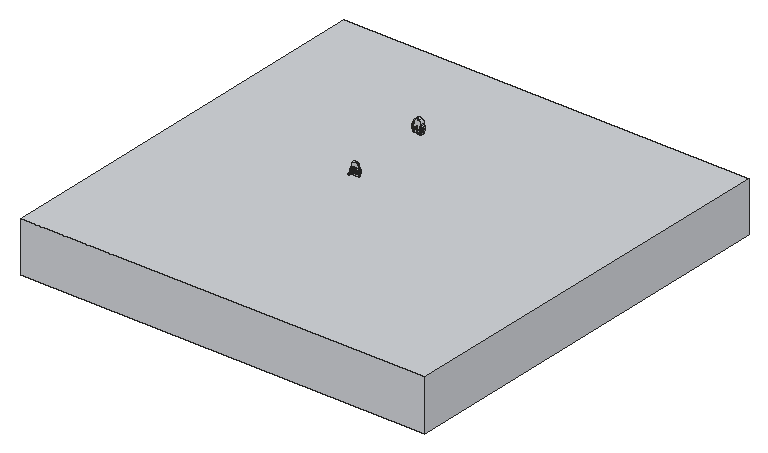
Revit family "Trade II", category Обобщенные модели, Revit 2017
Family settings
  Основа = Грань
  Может служить основой для арматурных стержней = Нет
  Размер круглого соединителя = Использовать диаметр
  Тип детали = Нормальный
  При загрузке вырезать с полостями = Нет
  Общий = Нет
  Точка расчета площади = Нет
Parameters
  Расстояние до плоскости = 250 mm
  Default Elevation = 1219.2 mm
  Начало профиля = 249.976 mm
  Конец профиля = 250.024 mm
Reference planes
  plane 1 "По центру (Вперед/Назад)": y = 0
  plane 2: z = 0
  plane 3 "По центру (Влево/Вправо)": x = 0
  plane 4 "Плоскость низа светильника": z = 250
Forms (mm)
  Extrusion 1, solid
    sketch origin (0, 0, 0) x (1, 0, 0) y (0, 1, 0)
      loop
        line (-1219.2, 1219.2) -> (-1219.2, -1219.2) -> (1219.2, -1219.2) -> (1219.2, 1219.2) -> (-1219.2, 1219.2)
    from 0 to -304.8
  Extrusion 2, solid
    sketch origin (0, -398.223, 250) x (0, -1, 0) y (1, 0, 0)
      loop
        line (-148.236, -5.649) -> (-130.236, -5.649) -> (-130.236, 5.625) -> (-148.236, 5.625) -> (-148.236, -5.649)
      loop
        line (-648.236, 5.625) -> (-666.236, 5.625) -> (-666.236, -5.649) -> (-648.236, -5.649) -> (-648.236, 5.625)
    from 0 to -2
  Extrusion 3, solid
    sketch origin (5.625, 268.013, 250) x (-1, 0, 0) y (0, 0, 1)
      loop
        arc (28.697, 49.657) -> (21.525, 65.194) -> (5.63, 71.533) r 23.1
        arc (5.63, 71.533) -> (-10.266, 65.194) -> (-17.438, 49.657) r 23.1
        arc (-17.438, 49.657) -> (-19.62, 45.831) -> (-19.639, 41.427) r 8.666
        arc (-19.639, 41.427) -> (-19.083, 38.06) -> (-21.255, 35.429) r 4.12
        line (-21.255, 35.429) -> (-24.425, 33.883)
        arc (-24.425, 33.883) -> (-25.811, 32.581) -> (-26.322, 30.75) r 3.536
        line (-26.322, 30.75) -> (-26.322, 22.479) -> (-26.322, 14.208)
        arc (-26.322, 14.208) -> (-25.811, 12.377) -> (-24.425, 11.075) r 3.536
        line (-24.425, 11.075) -> (-21.249, 9.534)
        arc (-21.249, 9.534) -> (-19.072, 6.893) -> (-19.641, 3.519) r 4.12
        arc (-19.641, 3.519) -> (-20.809, -0.574) -> (-19.361, -4.575) r 6.919
        arc (-19.361, -4.575) -> (-18.366, -6.977) -> (-15.964, -7.972) r 3.397
        line (-15.964, -7.972) -> (0.973, -7.972)
        arc (0.973, -7.972) -> (1.694, -7.673) -> (1.993, -6.952) r 1.02
        line (1.993, -6.952) -> (1.993, -2) -> (-0.007, -2) -> (-0.007, -5.972) -> (-15.964, -5.972)
        arc (-15.964, -5.972) -> (-16.714, -5.754) -> (-17.229, -5.168) r 1.397
        arc (-17.229, -5.168) -> (-17.414, -4.504) -> (-17.37, -3.815) r 2.071
        arc (-17.37, -3.815) -> (-18.79, -0.816) -> (-17.982, 2.402) r 4.919
        arc (-17.982, 2.402) -> (-17.141, 7.413) -> (-20.375, 11.333) r 6.12
        line (-20.375, 11.333) -> (-23.519, 12.859)
        arc (-23.519, 12.859) -> (-24.106, 13.423) -> (-24.322, 14.208) r 1.536
        line (-24.322, 14.208) -> (-24.322, 22.479) -> (-24.322, 30.75)
        arc (-24.322, 30.75) -> (-24.106, 31.536) -> (-23.518, 32.1) r 1.536
        line (-23.518, 32.1) -> (-20.378, 33.631)
        arc (-20.378, 33.631) -> (-17.207, 37.349) -> (-17.768, 42.204) r 6.12
        arc (-17.768, 42.204) -> (-17.537, 45.801) -> (-15.468, 48.752) r 6.666
        arc (-15.468, 48.752) -> (-9.177, 63.465) -> (5.63, 69.533) r 21.1
        arc (5.63, 69.533) -> (20.437, 63.465) -> (26.728, 48.752) r 21.1
        arc (26.728, 48.752) -> (28.797, 45.801) -> (29.028, 42.204) r 6.666
        arc (29.028, 42.204) -> (28.466, 37.349) -> (31.638, 33.631) r 6.12
        line (31.638, 33.631) -> (34.778, 32.1)
        arc (34.778, 32.1) -> (35.366, 31.536) -> (35.582, 30.75) r 1.536
        line (35.582, 30.75) -> (35.582, 22.479) -> (35.582, 14.208)
        arc (35.582, 14.208) -> (35.366, 13.423) -> (34.779, 12.859) r 1.536
        line (34.779, 12.859) -> (31.635, 11.333)
        arc (31.635, 11.333) -> (28.401, 7.413) -> (29.242, 2.402) r 6.12
        arc (29.242, 2.402) -> (30.05, -0.816) -> (28.63, -3.815) r 4.919
        arc (28.63, -3.815) -> (28.674, -4.504) -> (28.489, -5.168) r 2.071
        arc (28.489, -5.168) -> (27.974, -5.754) -> (27.224, -5.972) r 1.397
        line (27.224, -5.972) -> (11.267, -5.972) -> (11.267, -2) -> (9.267, -2) -> (9.267, -6.952)
        arc (9.267, -6.952) -> (9.566, -7.673) -> (10.287, -7.972) r 1.02
        line (10.287, -7.972) -> (27.224, -7.972)
        arc (27.224, -7.972) -> (29.626, -6.977) -> (30.621, -4.575) r 3.397
        arc (30.621, -4.575) -> (32.069, -0.574) -> (30.901, 3.519) r 6.919
        arc (30.901, 3.519) -> (30.332, 6.893) -> (32.509, 9.534) r 4.12
        line (32.509, 9.534) -> (35.685, 11.075)
        arc (35.685, 11.075) -> (37.071, 12.377) -> (37.582, 14.208) r 3.536
        line (37.582, 14.208) -> (37.582, 22.479) -> (37.582, 30.75)
        arc (37.582, 30.75) -> (37.071, 32.581) -> (35.685, 33.883) r 3.536
        line (35.685, 33.883) -> (32.515, 35.429)
        arc (32.515, 35.429) -> (30.343, 38.06) -> (30.899, 41.427) r 4.12
        arc (30.899, 41.427) -> (30.88, 45.831) -> (28.697, 49.657) r 8.666
    from 0 to -18
  Extrusion 4, solid
    sketch origin (5.625, 250.013, 250) x (1, 0, 0) y (0, 0, 1)
      loop
        line (15.644, 22.479) -> (15.644, 27.454)
        arc (15.644, 27.454) -> (15.416, 28.602) -> (14.765, 29.576) r 3
        line (14.765, 29.576) -> (8.99, 35.35)
        arc (8.99, 35.35) -> (8.017, 36.001) -> (6.869, 36.229) r 3
        line (6.869, 36.229) -> (0.949, 36.229)
        arc (0.949, 36.229) -> (-1.526, 35.204) -> (-2.551, 32.729) r 3.5
        line (-2.551, 32.729) -> (-2.551, 22.479) -> (-2.551, 12.229)
        arc (-2.551, 12.229) -> (-1.526, 9.754) -> (0.949, 8.729) r 3.5
        line (0.949, 8.729) -> (6.869, 8.729)
        arc (6.869, 8.729) -> (8.017, 8.957) -> (8.99, 9.608) r 3
        line (8.99, 9.608) -> (14.765, 15.382)
        arc (14.765, 15.382) -> (15.416, 16.356) -> (15.644, 17.504) r 3
        line (15.644, 17.504) -> (15.644, 22.479)
      loop
        line (7.445, 30.435) -> (0.889, 30.435) -> (0.889, 27.559) -> (7.445, 27.559) -> (7.445, 30.435)
      loop
        line (7.445, 14.523) -> (7.445, 17.399) -> (0.889, 17.399) -> (0.889, 14.523) -> (7.445, 14.523)
      loop
        line (12.774, 21.041) -> (12.774, 23.917) -> (6.218, 23.917) -> (6.218, 21.041) -> (12.774, 21.041)
      loop
        line (-26.918, 22.479) -> (-26.918, 17.504)
        arc (-26.918, 17.504) -> (-26.689, 16.356) -> (-26.039, 15.382) r 3
        line (-26.039, 15.382) -> (-20.264, 9.608)
        arc (-20.264, 9.608) -> (-19.291, 8.957) -> (-18.143, 8.729) r 3
        line (-18.143, 8.729) -> (-12.223, 8.729)
        arc (-12.223, 8.729) -> (-9.748, 9.754) -> (-8.723, 12.229) r 3.5
        line (-8.723, 12.229) -> (-8.723, 22.479) -> (-8.723, 32.729)
        arc (-8.723, 32.729) -> (-9.748, 35.204) -> (-12.223, 36.229) r 3.5
        line (-12.223, 36.229) -> (-18.143, 36.229)
        arc (-18.143, 36.229) -> (-19.291, 36.001) -> (-20.264, 35.35) r 3
        line (-20.264, 35.35) -> (-26.039, 29.576)
        arc (-26.039, 29.576) -> (-26.689, 28.602) -> (-26.918, 27.454) r 3
        line (-26.918, 27.454) -> (-26.918, 22.479)
      loop
        line (-18.719, 30.435) -> (-18.719, 27.559) -> (-12.163, 27.559) -> (-12.163, 30.435) -> (-18.719, 30.435)
      loop
        line (-18.719, 14.523) -> (-12.163, 14.523) -> (-12.163, 17.399) -> (-18.719, 17.399) -> (-18.719, 14.523)
      loop
        line (-24.048, 21.041) -> (-17.491, 21.041) -> (-17.491, 23.917) -> (-24.048, 23.917) -> (-24.048, 21.041)
    from 0 to -15
  Extrusion 5, solid
    sketch origin (-5.649, -249.987, 250) x (-1, 0, 0) y (0, 0, 1)
      loop
        arc (-53.05, 48.752) -> (-55.119, 45.801) -> (-55.35, 42.204) r 6.666
        arc (-55.35, 42.204) -> (-54.789, 37.349) -> (-57.96, 33.631) r 6.12
        line (-57.96, 33.631) -> (-61.1, 32.1)
        arc (-61.1, 32.1) -> (-61.688, 31.536) -> (-61.904, 30.75) r 1.536
        line (-61.904, 30.75) -> (-61.904, 22.479) -> (-61.904, 14.208)
        arc (-61.904, 14.208) -> (-61.688, 13.423) -> (-61.101, 12.859) r 1.536
        line (-61.101, 12.859) -> (-57.957, 11.333)
        arc (-57.957, 11.333) -> (-54.723, 7.413) -> (-55.564, 2.402) r 6.12
        arc (-55.564, 2.402) -> (-56.372, -0.816) -> (-54.952, -3.815) r 4.919
        arc (-54.952, -3.815) -> (-54.996, -4.504) -> (-54.811, -5.168) r 2.071
        arc (-54.811, -5.168) -> (-54.296, -5.754) -> (-53.546, -5.972) r 1.397
        line (-53.546, -5.972) -> (-37.589, -5.972) -> (-37.589, 0) -> (-31.952, 0) -> (-26.315, 0) -> (-26.315, -5.972) -> (-10.358, -5.972)
        arc (-10.358, -5.972) -> (-9.608, -5.754) -> (-9.093, -5.168) r 1.397
        arc (-9.093, -5.168) -> (-8.908, -4.504) -> (-8.952, -3.815) r 2.071
        arc (-8.952, -3.815) -> (-7.532, -0.816) -> (-8.34, 2.402) r 4.919
        arc (-8.34, 2.402) -> (-9.181, 7.413) -> (-5.947, 11.333) r 6.12
        line (-5.947, 11.333) -> (-2.803, 12.859)
        arc (-2.803, 12.859) -> (-2.216, 13.423) -> (-2, 14.208) r 1.536
        line (-2, 14.208) -> (-2, 22.479) -> (-2, 30.75)
        arc (-2, 30.75) -> (-2.216, 31.536) -> (-2.804, 32.1) r 1.536
        line (-2.804, 32.1) -> (-5.944, 33.631)
        arc (-5.944, 33.631) -> (-9.116, 37.349) -> (-8.554, 42.204) r 6.12
        arc (-8.554, 42.204) -> (-8.785, 45.801) -> (-10.855, 48.752) r 6.666
        arc (-10.855, 48.752) -> (-17.145, 63.465) -> (-31.952, 69.533) r 21.1
        arc (-31.952, 69.533) -> (-46.759, 63.465) -> (-53.05, 48.752) r 21.1
    from 0 to -1
  Extrusion 6, solid
    sketch origin (5.625, 250.013, 250) x (1, 0, 0) y (0, 0, 1)
      loop
        arc (15.461, 48.752) -> (9.17, 63.465) -> (-5.637, 69.533) r 21.1
        arc (-5.637, 69.533) -> (-20.444, 63.465) -> (-26.734, 48.752) r 21.1
        arc (-26.734, 48.752) -> (-28.804, 45.801) -> (-29.035, 42.204) r 6.666
        arc (-29.035, 42.204) -> (-28.473, 37.349) -> (-31.645, 33.631) r 6.12
        line (-31.645, 33.631) -> (-34.785, 32.1)
        arc (-34.785, 32.1) -> (-35.373, 31.536) -> (-35.589, 30.75) r 1.536
        line (-35.589, 30.75) -> (-35.589, 22.479) -> (-35.589, 14.208)
        arc (-35.589, 14.208) -> (-35.373, 13.423) -> (-34.786, 12.859) r 1.536
        line (-34.786, 12.859) -> (-31.642, 11.333)
        arc (-31.642, 11.333) -> (-28.408, 7.413) -> (-29.249, 2.402) r 6.12
        arc (-29.249, 2.402) -> (-30.057, -0.816) -> (-28.637, -3.815) r 4.919
        arc (-28.637, -3.815) -> (-28.681, -4.504) -> (-28.496, -5.168) r 2.071
        arc (-28.496, -5.168) -> (-27.981, -5.754) -> (-27.231, -5.972) r 1.397
        line (-27.231, -5.972) -> (-11.274, -5.972) -> (-11.274, 0) -> (-5.637, 0) -> (0, 0) -> (0, -5.972) -> (15.957, -5.972)
        arc (15.957, -5.972) -> (16.707, -5.754) -> (17.222, -5.168) r 1.397
        arc (17.222, -5.168) -> (17.407, -4.504) -> (17.363, -3.815) r 2.071
        arc (17.363, -3.815) -> (18.783, -0.816) -> (17.975, 2.402) r 4.919
        arc (17.975, 2.402) -> (17.134, 7.413) -> (20.368, 11.333) r 6.12
        line (20.368, 11.333) -> (23.512, 12.859)
        arc (23.512, 12.859) -> (24.099, 13.423) -> (24.315, 14.208) r 1.536
        line (24.315, 14.208) -> (24.315, 22.479) -> (24.315, 30.75)
        arc (24.315, 30.75) -> (24.099, 31.536) -> (23.511, 32.1) r 1.536
        line (23.511, 32.1) -> (20.371, 33.631)
        arc (20.371, 33.631) -> (17.2, 37.349) -> (17.761, 42.204) r 6.12
        arc (17.761, 42.204) -> (17.53, 45.801) -> (15.461, 48.752) r 6.666
    from 0 to -1
  Extrusion 7, solid
    sketch origin (-5.649, -250.987, 250) x (1, 0, 0) y (0, 0, 1)
      loop
        line (10.671, 22.479) -> (10.671, 17.504)
        arc (10.671, 17.504) -> (10.9, 16.356) -> (11.55, 15.382) r 3
        line (11.55, 15.382) -> (17.325, 9.608)
        arc (17.325, 9.608) -> (18.298, 8.957) -> (19.446, 8.729) r 3
        line (19.446, 8.729) -> (25.366, 8.729)
        arc (25.366, 8.729) -> (27.841, 9.754) -> (28.866, 12.229) r 3.5
        line (28.866, 12.229) -> (28.866, 22.479) -> (28.866, 32.729)
        arc (28.866, 32.729) -> (27.841, 35.204) -> (25.366, 36.229) r 3.5
        line (25.366, 36.229) -> (19.446, 36.229)
        arc (19.446, 36.229) -> (18.298, 36.001) -> (17.325, 35.35) r 3
        line (17.325, 35.35) -> (11.55, 29.576)
        arc (11.55, 29.576) -> (10.9, 28.602) -> (10.671, 27.454) r 3
        line (10.671, 27.454) -> (10.671, 22.479)
      loop
        arc (19.538, 34.029) -> (19.147, 33.951) -> (18.816, 33.73) r 1.021
        line (18.816, 33.73) -> (13.212, 28.126)
        arc (13.212, 28.126) -> (12.96, 27.749) -> (12.871, 27.304) r 1.162
        line (12.871, 27.304) -> (12.871, 22.479) -> (12.871, 17.654)
        arc (12.871, 17.654) -> (12.96, 17.209) -> (13.212, 16.832) r 1.162
        line (13.212, 16.832) -> (18.816, 11.228)
        arc (18.816, 11.228) -> (19.147, 11.007) -> (19.538, 10.929) r 1.021
        line (19.538, 10.929) -> (25.366, 10.929)
        arc (25.366, 10.929) -> (26.286, 11.31) -> (26.666, 12.229) r 1.3
        line (26.666, 12.229) -> (26.666, 22.479) -> (26.666, 32.729)
        arc (26.666, 32.729) -> (26.286, 33.648) -> (25.366, 34.029) r 1.3
        line (25.366, 34.029) -> (19.538, 34.029)
      loop
        line (53.233, 22.479) -> (53.233, 27.454)
        arc (53.233, 27.454) -> (53.005, 28.602) -> (52.354, 29.576) r 3
        line (52.354, 29.576) -> (46.579, 35.35)
        arc (46.579, 35.35) -> (45.606, 36.001) -> (44.458, 36.229) r 3
        line (44.458, 36.229) -> (38.538, 36.229)
        arc (38.538, 36.229) -> (36.063, 35.204) -> (35.038, 32.729) r 3.5
        line (35.038, 32.729) -> (35.038, 22.479) -> (35.038, 12.229)
        arc (35.038, 12.229) -> (36.063, 9.754) -> (38.538, 8.729) r 3.5
        line (38.538, 8.729) -> (44.458, 8.729)
        arc (44.458, 8.729) -> (45.606, 8.957) -> (46.579, 9.608) r 3
        line (46.579, 9.608) -> (52.354, 15.382)
        arc (52.354, 15.382) -> (53.005, 16.356) -> (53.233, 17.504) r 3
        line (53.233, 17.504) -> (53.233, 22.479)
      loop
        line (44.367, 34.029) -> (38.538, 34.029)
        arc (38.538, 34.029) -> (37.619, 33.648) -> (37.238, 32.729) r 1.3
        line (37.238, 32.729) -> (37.238, 22.479) -> (37.238, 12.229)
        arc (37.238, 12.229) -> (37.619, 11.31) -> (38.538, 10.929) r 1.3
        line (38.538, 10.929) -> (44.367, 10.929)
        arc (44.367, 10.929) -> (44.757, 11.007) -> (45.088, 11.228) r 1.021
        line (45.088, 11.228) -> (50.692, 16.832)
        arc (50.692, 16.832) -> (50.944, 17.209) -> (51.033, 17.654) r 1.162
        line (51.033, 17.654) -> (51.033, 22.479) -> (51.033, 27.304)
        arc (51.033, 27.304) -> (50.944, 27.749) -> (50.692, 28.126) r 1.162
        line (50.692, 28.126) -> (45.088, 33.73)
        arc (45.088, 33.73) -> (44.757, 33.951) -> (44.367, 34.029) r 1.021
    from 0 to 15
  Extrusion 8, solid
    sketch origin (-5.649, -250.987, 250) x (1, 0, 0) y (0, 0, 1)
      loop
        line (14.341, 21.841) -> (19.298, 21.841) -> (19.298, 23.117) -> (14.341, 23.117) -> (14.341, 21.841)
      loop
        line (19.67, 16.599) -> (19.67, 15.323) -> (24.626, 15.323) -> (24.626, 16.599) -> (19.67, 16.599)
      loop
        line (24.626, 28.359) -> (24.626, 29.635) -> (19.67, 29.635) -> (19.67, 28.359) -> (24.626, 28.359)
      loop
        line (49.563, 21.841) -> (49.563, 23.117) -> (44.607, 23.117) -> (44.607, 21.841) -> (49.563, 21.841)
      loop
        line (44.234, 16.599) -> (39.278, 16.599) -> (39.278, 15.323) -> (44.234, 15.323) -> (44.234, 16.599)
      loop
        line (39.278, 28.359) -> (44.234, 28.359) -> (44.234, 29.635) -> (39.278, 29.635) -> (39.278, 28.359)
    from 0 to 15
Dimensions and locks
  "Расстояние до плоскости": plane 4 "Плоскость низа светильника" to Extrusion 1
  aligned and locked: plane 2 to Extrusion 1
  aligned and locked: level to Extrusion 1
Automatic sketch dimensions
  Extrusion 1 sketch curve to Extrusion 1 sketch curve = 2438.4 mm  (x2)
  plane 3 "По центру (Влево/Вправо)" to Extrusion 2 sketch curve = 5.625 mm  (x2)
  Extrusion 2 sketch curve to plane 1 "По центру (Вперед/Назад)" = 268.013 mm
  Extrusion 2 sketch curve to plane 3 "По центру (Влево/Вправо)" = 5.649 mm  (x2)
  Extrusion 2 sketch curve to Extrusion 2 sketch curve = 18 mm  (x2)
  plane 1 "По центру (Вперед/Назад)" to Extrusion 2 sketch curve = 249.987 mm
  Extrusion 3 sketch curve to Extrusion 3 sketch curve = 0 mm  (x43)
  Extrusion 3 sketch curve to Extrusion 2 = 0 mm  (x2)
  Extrusion 3 sketch curve to Extrusion 2 = 14.208 mm
  Extrusion 2 to Extrusion 3 sketch curve = 26.322 mm
  Extrusion 3 sketch curve to Extrusion 3 sketch curve = 1.897 mm  (x2)
  Extrusion 3 sketch curve to Extrusion 2 = 11.075 mm  (x2)
  Extrusion 3 sketch curve to Extrusion 3 sketch curve = 2 mm  (x2)
  Extrusion 3 sketch curve to Extrusion 2 = 12.859 mm
  Extrusion 3 sketch curve to Extrusion 3 sketch curve = 0.804 mm
  Extrusion 3 sketch curve to Extrusion 3 sketch curve = 1.364 mm
  Extrusion 3 sketch curve to Extrusion 3 sketch curve = 1.372 mm
  Extrusion 3 sketch curve to Extrusion 3 sketch curve = 0.731 mm  (x2)
  Extrusion 3 sketch curve to Extrusion 3 sketch curve = 3.17 mm
  Extrusion 3 sketch curve to Extrusion 2 = 9.534 mm  (x2)
  Extrusion 3 sketch curve to Extrusion 3 sketch curve = 3.176 mm
  Extrusion 3 sketch curve to Extrusion 3 sketch curve = 0.877 mm  (x2)
  Extrusion 3 sketch curve to Extrusion 2 = 11.333 mm
  Extrusion 3 sketch curve to Extrusion 3 sketch curve = 0.874 mm  (x2)
  Extrusion 3 sketch curve to Extrusion 2 = 2.575 mm
  Extrusion 3 sketch curve to Extrusion 3 sketch curve = 7.088 mm
  Extrusion 3 sketch curve to Extrusion 3 sketch curve = 0.611 mm  (x2)
  Extrusion 2 to Extrusion 3 sketch curve = 0.334 mm  (x2)
  Extrusion 3 sketch curve to Extrusion 3 sketch curve = 1.459 mm  (x2)
  Extrusion 2 to Extrusion 3 sketch curve = 11.248 mm
  Extrusion 2 to Extrusion 3 sketch curve = 0.007 mm
  Extrusion 3 sketch curve to Extrusion 2 = 0.973 mm
  Extrusion 3 sketch curve to Extrusion 2 = 1.993 mm
  Extrusion 3 sketch curve to Extrusion 2 = 5.63 mm
  Extrusion 3 sketch curve to Extrusion 2 = 2.007 mm
  Extrusion 3 sketch curve to Extrusion 2 = 0.987 mm
  Extrusion 3 sketch curve to Extrusion 2 = 0.007 mm
  Extrusion 2 to Extrusion 3 sketch curve = 11.234 mm
  Extrusion 2 to Extrusion 3 sketch curve = 13.881 mm
  Extrusion 3 sketch curve to Extrusion 2 = 2.289 mm
  Extrusion 3 sketch curve to Extrusion 3 sketch curve = 6.48 mm
  Extrusion 3 sketch curve to Extrusion 3 sketch curve = 9.13 mm
  Extrusion 3 sketch curve to Extrusion 3 sketch curve = 2.412 mm
  Extrusion 3 sketch curve to Extrusion 3 sketch curve = 2.408 mm
  Extrusion 3 sketch curve to Extrusion 3 sketch curve = 1.804 mm
  Extrusion 3 sketch curve to Extrusion 3 sketch curve = 1.806 mm
  Extrusion 3 sketch curve to Extrusion 3 sketch curve = 0.732 mm
  Extrusion 3 sketch curve to Extrusion 3 sketch curve = 1.536 mm
  Extrusion 3 sketch curve to Extrusion 3 sketch curve = 0.906 mm
  Extrusion 3 sketch curve to Extrusion 3 sketch curve = 0.907 mm
  Extrusion 3 sketch curve to Extrusion 2 = 3.972 mm
  Extrusion 3 sketch curve to Extrusion 3 sketch curve = 1.683 mm
  Extrusion 3 sketch curve to Extrusion 3 sketch curve = 0.98 mm  (x2)
  Extrusion 3 sketch curve to Extrusion 3 sketch curve = 0.286 mm  (x2)
  Extrusion 3 sketch curve to Extrusion 3 sketch curve = 3.705 mm  (x2)
  Extrusion 3 sketch curve to Extrusion 3 sketch curve = 1.799 mm
  Extrusion 3 sketch curve to Extrusion 3 sketch curve = 8.271 mm  (x4)
  Extrusion 3 sketch curve to Extrusion 3 sketch curve = 1.531 mm  (x2)
  Extrusion 3 sketch curve to Extrusion 3 sketch curve = 1.798 mm  (x2)
  Extrusion 3 sketch curve to Extrusion 3 sketch curve = 3.703 mm  (x2)
  Extrusion 3 sketch curve to Extrusion 3 sketch curve = 4.46 mm  (x2)
  Extrusion 3 sketch curve to Extrusion 3 sketch curve = 4.841 mm
  Extrusion 3 sketch curve to Extrusion 3 sketch curve = 3.422 mm
  Extrusion 3 sketch curve to Extrusion 3 sketch curve = 1.659 mm
  Extrusion 3 sketch curve to Extrusion 3 sketch curve = 1.871 mm
  Extrusion 3 sketch curve to Extrusion 3 sketch curve = 0.331 mm
  Extrusion 3 sketch curve to Extrusion 3 sketch curve = 0.141 mm  (x2)
  Extrusion 3 sketch curve to Extrusion 3 sketch curve = 1.97 mm  (x2)
  Extrusion 3 sketch curve to Extrusion 3 sketch curve = 4.219 mm
  Extrusion 3 to Extrusion 4 sketch curve = 8.664 mm
  Extrusion 4 sketch curve to Extrusion 4 sketch curve = 0.879 mm  (x4)
  Extrusion 4 sketch curve to Extrusion 4 sketch curve = 2.87 mm  (x2)
  Extrusion 4 sketch curve to Extrusion 4 sketch curve = 3 mm  (x2)
  Extrusion 4 sketch curve to Extrusion 4 sketch curve = 5.775 mm  (x2)
  Extrusion 4 sketch curve to Extrusion 4 sketch curve = 5.199 mm  (x4)
  Extrusion 4 sketch curve to Extrusion 4 sketch curve = 2.121 mm  (x5)
  Extrusion 4 sketch curve to Extrusion 4 sketch curve = 0.576 mm  (x2)
  Extrusion 4 sketch curve to Extrusion 4 sketch curve = 1.228 mm  (x2)
  Extrusion 3 to Extrusion 4 sketch curve = 0.956 mm  (x2)
  Extrusion 3 to Extrusion 4 sketch curve = 0.896 mm  (x2)
  Extrusion 3 to Extrusion 4 sketch curve = 0.544 mm
  Extrusion 3 to Extrusion 4 sketch curve = 0.558 mm
  Extrusion 3 to Extrusion 4 sketch curve = 0.882 mm  (x2)
  Extrusion 3 to Extrusion 4 sketch curve = 0.942 mm  (x2)
  Extrusion 3 to Extrusion 4 sketch curve = 6.211 mm
  Extrusion 4 sketch curve to Extrusion 4 sketch curve = 5.92 mm  (x2)
  Extrusion 4 sketch curve to Extrusion 4 sketch curve = 0.13 mm
  Extrusion 3 to Extrusion 4 sketch curve = 10.729 mm  (x2)
  Extrusion 4 sketch curve to Extrusion 4 sketch curve = 2.795 mm  (x4)
  Extrusion 4 sketch curve to Extrusion 4 sketch curve = 0.859 mm  (x2)
  Extrusion 4 sketch curve to Extrusion 4 sketch curve = 2.876 mm  (x6)
  Extrusion 4 sketch curve to Extrusion 4 sketch curve = 3.538 mm  (x4)
  Extrusion 4 sketch curve to Extrusion 4 sketch curve = 1.438 mm  (x2)
  Extrusion 4 sketch curve to Extrusion 4 sketch curve = 5.08 mm  (x3)
  Extrusion 4 sketch curve to Extrusion 4 sketch curve = 3.642 mm
  Extrusion 4 sketch curve to Extrusion 4 sketch curve = 2.295 mm  (x2)
  Extrusion 5 sketch curve to Extrusion 5 sketch curve = 0 mm  (x4)
  Extrusion 5 sketch curve to Extrusion 5 sketch curve = 3.14 mm  (x2)
  Extrusion 5 sketch curve to Extrusion 5 sketch curve = 1.536 mm  (x3)
  Extrusion 5 sketch curve to Extrusion 5 sketch curve = 8.271 mm  (x3)
  Extrusion 6 sketch curve to Extrusion 6 sketch curve = 0 mm  (x3)
  Extrusion 6 sketch curve to Extrusion 3 = 0 mm  (x2)
  Extrusion 6 sketch curve to Extrusion 3 = 0.007 mm  (x2)
  Extrusion 6 sketch curve to Extrusion 3 = 0.81 mm
  Extrusion 6 sketch curve to Extrusion 3 = 0.811 mm
  Extrusion 6 sketch curve to Extrusion 3 = 1.268 mm
  Extrusion 6 sketch curve to Extrusion 3 = 1.276 mm
  Extrusion 6 sketch curve to Extrusion 6 sketch curve = 0.731 mm
  Extrusion 6 sketch curve to Extrusion 6 sketch curve = 1.536 mm
  Extrusion 6 sketch curve to Extrusion 6 sketch curve = 3.14 mm
  Extrusion 6 sketch curve to Extrusion 6 sketch curve = 3.144 mm
  Extrusion 6 sketch curve to Extrusion 3 = 8.365 mm
  Extrusion 6 sketch curve to Extrusion 6 sketch curve = 0.611 mm  (x2)
  Extrusion 6 sketch curve to Extrusion 3 = 1.666 mm  (x2)
  Extrusion 6 sketch curve to Extrusion 6 sketch curve = 1.459 mm  (x2)
  Extrusion 6 sketch curve to Extrusion 3 = 11.234 mm
  Extrusion 3 to Extrusion 6 sketch curve = 0.007 mm  (x2)
  Extrusion 6 sketch curve to Extrusion 3 = 3.63 mm  (x2)
  Extrusion 6 sketch curve to Extrusion 3 = 11.248 mm
  Extrusion 6 sketch curve to Extrusion 3 = 10.42 mm
  Extrusion 6 sketch curve to Extrusion 3 = 1.683 mm
  Extrusion 6 sketch curve to Extrusion 3 = 3.94 mm
  Extrusion 6 sketch curve to Extrusion 3 = 3.937 mm
  Extrusion 6 sketch curve to Extrusion 3 = 1.529 mm  (x2)
  Extrusion 6 sketch curve to Extrusion 3 = 1.262 mm
  Extrusion 6 sketch curve to Extrusion 3 = 1.254 mm
  Extrusion 6 sketch curve to Extrusion 3 = 0.797 mm
  Extrusion 6 sketch curve to Extrusion 3 = 0.796 mm
  Extrusion 6 sketch curve to Extrusion 6 sketch curve = 1.397 mm
  Extrusion 6 sketch curve to Extrusion 6 sketch curve = 0.286 mm  (x2)
  Extrusion 6 sketch curve to Extrusion 3 = 2 mm
  Extrusion 6 sketch curve to Extrusion 3 = 7.829 mm  (x2)
  Extrusion 6 sketch curve to Extrusion 6 sketch curve = 5.503 mm  (x2)
  Extrusion 6 sketch curve to Extrusion 6 sketch curve = 1.526 mm  (x2)
  Extrusion 6 sketch curve to Extrusion 6 sketch curve = 8.271 mm  (x4)
  Extrusion 6 sketch curve to Extrusion 6 sketch curve = 1.531 mm  (x2)
  Extrusion 6 sketch curve to Extrusion 6 sketch curve = 5.501 mm  (x2)
  Extrusion 6 sketch curve to Extrusion 6 sketch curve = 4.46 mm  (x2)
  Extrusion 6 sketch curve to Extrusion 6 sketch curve = 4.841 mm
  Extrusion 6 sketch curve to Extrusion 3 = 4.402 mm
  Extrusion 6 sketch curve to Extrusion 6 sketch curve = 5.293 mm
  Extrusion 6 sketch curve to Extrusion 6 sketch curve = 0.141 mm  (x2)
  Extrusion 6 sketch curve to Extrusion 6 sketch curve = 4.219 mm  (x2)
  Extrusion 7 sketch curve to Extrusion 7 sketch curve = 0 mm  (x14)
  Extrusion 7 sketch curve to Extrusion 5 = 8.671 mm
  Extrusion 7 sketch curve to Extrusion 7 sketch curve = 0.879 mm  (x4)
  Extrusion 7 sketch curve to Extrusion 7 sketch curve = 2.2 mm  (x3)
  Extrusion 7 sketch curve to Extrusion 7 sketch curve = 0.34 mm  (x2)
  Extrusion 7 sketch curve to Extrusion 7 sketch curve = 0.46 mm  (x4)
  Extrusion 7 sketch curve to Extrusion 7 sketch curve = 0.362 mm  (x4)
  Extrusion 7 sketch curve to Extrusion 7 sketch curve = 5.775 mm  (x4)
  Extrusion 7 sketch curve to Extrusion 7 sketch curve = 1.491 mm  (x4)
  Extrusion 7 sketch curve to Extrusion 7 sketch curve = 2.121 mm  (x2)
  Extrusion 7 sketch curve to Extrusion 7 sketch curve = 0.722 mm  (x4)
  Extrusion 7 sketch curve to Extrusion 5 = 0.949 mm  (x4)
  Extrusion 5 to Extrusion 7 sketch curve = 0.351 mm  (x2)
  Extrusion 5 to Extrusion 7 sketch curve = 2.551 mm
  Extrusion 7 sketch curve to Extrusion 7 sketch curve = 5.829 mm  (x2)
  Extrusion 7 sketch curve to Extrusion 7 sketch curve = 0.091 mm  (x2)
  Extrusion 7 sketch curve to Extrusion 7 sketch curve = 5.504 mm  (x2)
  Extrusion 7 sketch curve to Extrusion 7 sketch curve = 0.8 mm
  Extrusion 7 sketch curve to Extrusion 7 sketch curve = 1.662 mm  (x2)
  Extrusion 7 sketch curve to Extrusion 5 = 8.729 mm
  Extrusion 7 sketch curve to Extrusion 7 sketch curve = 3.5 mm
  Extrusion 7 sketch curve to Extrusion 7 sketch curve = 0.299 mm  (x2)
  Extrusion 7 sketch curve to Extrusion 7 sketch curve = 0.672 mm  (x2)
  Extrusion 7 sketch curve to Extrusion 7 sketch curve = 10.25 mm  (x2)
  Extrusion 7 sketch curve to Extrusion 7 sketch curve = 4.825 mm  (x4)
  Extrusion 7 sketch curve to Extrusion 7 sketch curve = 0.15 mm  (x2)
  Extrusion 7 sketch curve to Extrusion 7 sketch curve = 1.021 mm  (x2)
  Extrusion 7 sketch curve to Extrusion 7 sketch curve = 0.221 mm  (x2)
  Extrusion 8 sketch curve to Extrusion 5 = 11.974 mm
  Extrusion 8 sketch curve to Extrusion 8 sketch curve = 4.957 mm  (x4)
  Extrusion 8 sketch curve to Extrusion 8 sketch curve = 0.372 mm  (x3)
  Extrusion 8 sketch curve to Extrusion 5 = 1.689 mm  (x4)
  Extrusion 8 sketch curve to Extrusion 5 = 15.323 mm
  Extrusion 8 sketch curve to Extrusion 8 sketch curve = 0 mm
  Extrusion 8 sketch curve to Extrusion 8 sketch curve = 1.276 mm  (x6)
  Extrusion 8 sketch curve to Extrusion 8 sketch curve = 5.242 mm  (x4)
  Extrusion 5 sketch curve to plane 4 "Плоскость низа светильника" = 0 mm
  plane 3 "По центру (Влево/Вправо)" to Extrusion 5 sketch curve = 56.256 mm
  plane 4 "Плоскость низа светильника" to Extrusion 5 sketch curve = 12.859 mm
  Extrusion 5 sketch curve to Extrusion 5 sketch curve = 0.803 mm
  plane 4 "Плоскость низа светильника" to Extrusion 5 sketch curve = 32.1 mm
  Extrusion 5 sketch curve to Extrusion 5 sketch curve = 0.804 mm
  Extrusion 5 sketch curve to Extrusion 5 sketch curve = 2.683 mm
  Extrusion 5 sketch curve to Extrusion 5 sketch curve = 0.466 mm
  Extrusion 5 sketch curve to Extrusion 5 sketch curve = 0.732 mm  (x2)
  plane 4 "Плоскость низа светильника" to Extrusion 5 sketch curve = 11.333 mm
  Extrusion 5 sketch curve to Extrusion 5 sketch curve = 3.144 mm
  Extrusion 5 sketch curve to plane 4 "Плоскость низа светильника" = 5.972 mm  (x2)
  Extrusion 5 sketch curve to Extrusion 5 sketch curve = 7.088 mm
  Extrusion 5 sketch curve to Extrusion 5 sketch curve = 0.611 mm  (x2)
  Extrusion 5 sketch curve to plane 4 "Плоскость низа светильника" = 0.334 mm  (x2)
  Extrusion 5 sketch curve to Extrusion 5 sketch curve = 1.459 mm  (x2)
  Extrusion 5 sketch curve to Extrusion 5 sketch curve = 11.813 mm
  Extrusion 5 sketch curve to Extrusion 5 sketch curve = 13.888 mm
  Extrusion 5 sketch curve to Extrusion 5 sketch curve = 16.878 mm
  Extrusion 5 sketch curve to Extrusion 5 sketch curve = 5.637 mm  (x2)
  plane 3 "По центру (Влево/Вправо)" to Extrusion 5 sketch curve = 9.425 mm
  plane 3 "По центру (Влево/Вправо)" to Extrusion 5 sketch curve = 6.779 mm
  plane 3 "По центру (Влево/Вправо)" to Extrusion 5 sketch curve = 0.299 mm
  plane 3 "По центру (Влево/Вправо)" to Extrusion 5 sketch curve = 0.295 mm
  Extrusion 5 sketch curve to plane 3 "По центру (Влево/Вправо)" = 2.113 mm
  Extrusion 5 sketch curve to plane 3 "По центру (Влево/Вправо)" = 2.379 mm
  Extrusion 5 sketch curve to plane 3 "По центру (Влево/Вправо)" = 2.387 mm
  Extrusion 5 sketch curve to Extrusion 5 sketch curve = 1.397 mm  (x2)
  Extrusion 5 sketch curve to Extrusion 5 sketch curve = 0.286 mm  (x2)
  plane 4 "Плоскость низа светильника" to Extrusion 5 sketch curve = 5.829 mm  (x2)
  Extrusion 5 sketch curve to Extrusion 5 sketch curve = 5.503 mm
  Extrusion 5 sketch curve to Extrusion 5 sketch curve = 1.526 mm
  Extrusion 5 sketch curve to Extrusion 5 sketch curve = 1.531 mm  (x2)
  Extrusion 5 sketch curve to Extrusion 5 sketch curve = 5.501 mm  (x2)
  Extrusion 5 sketch curve to Extrusion 5 sketch curve = 4.46 mm  (x2)
  Extrusion 5 sketch curve to Extrusion 5 sketch curve = 4.841 mm
  plane 4 "Плоскость низа светильника" to Extrusion 5 sketch curve = 2.402 mm
  Extrusion 5 sketch curve to Extrusion 5 sketch curve = 5.293 mm
  Extrusion 5 sketch curve to Extrusion 5 sketch curve = 0.141 mm  (x2)
  Extrusion 5 sketch curve to Extrusion 5 sketch curve = 4.219 mm
  plane 3 "По центру (Влево/Вправо)" to Extrusion 5 sketch curve = 5.206 mm
